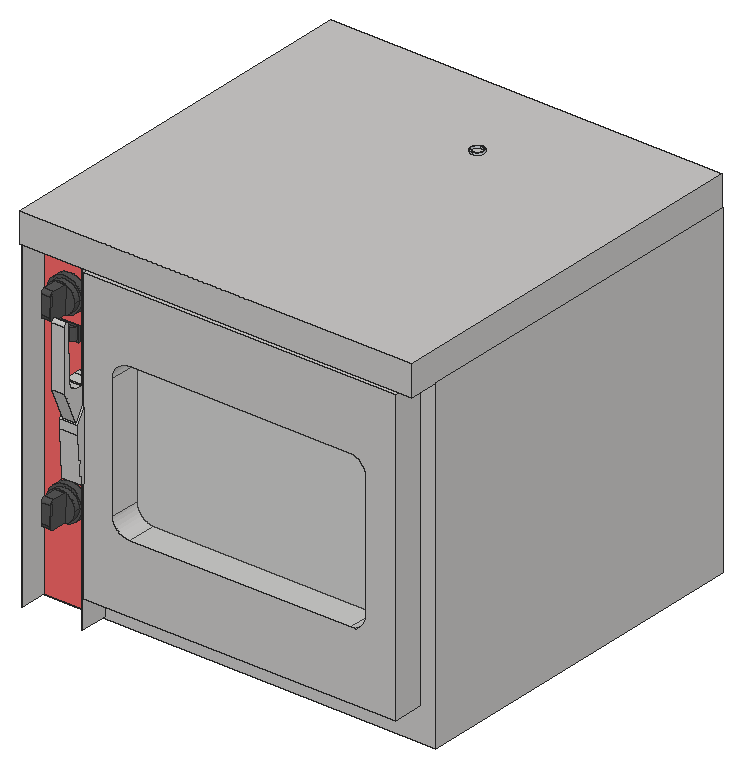
Revit family "ADB Ovens 606CT", category Equipement spécialisé, Revit 2022
Family settings
  Cote de connecteur circulaire = Utiliser le diamètre
  Type d'élément = Normal
  Numéro OmniClass = 23.40.40.14.17.11
  Titre OmniClass = Cookers, Ovens, Stoves
  Basée sur le plan de construction = Non
  Toujours verticalement = Oui
  Couper avec des vides une fois chargée = Non
  Conserver l'orientation des annotations = Non
  Partagée = Non
  Repère de localisation dans la pièce = Non
Parameters (values of type "CFE 606 CT")
  URL Cutsheet = "https://www.ambassade-de-bourgogne.com/fr/produits/fours/Resources/CFE-606-CT.pdf"
  URL = "https://www.ambassade-de-bourgogne.com/fr/produits/fours/Resources/CFE-606-CT.pdf"
  Electric Connection Type [instance] = "Bornier 40A"  # constant formula
  Item Number = ""
  Volts [instance] = 230 V  # constant formula
  Clearences [instance] = yes
  Base support SF 606 [instance] = no
  Specification by Manufacturer = ""
  Sans option [instance] = not(SF500)  # yes
  SF500 [instance] = or(Base support SF 606, [Shelves ECH606 + base support SF606])  # no
  Electrical Remarks [instance] = "230V(MONO) ou 400V(TRI)"  # constant formula
  Electric power [instance] = 4800 W  # constant formula
  Depth [instance] = 679 mm  # constant formula
  Encombrement Porte standard [instance] = and(Clearences, not(Door hinges inversion option))  # yes
  Door hinges inversion option [instance] = no
  Weight [instance] = 61.00 kg + if(or(Base support SF 606, [Shelves ECH606 + base support SF606]), 12.00 kg, 0.00 kg)  # 61.00 kg
  Phase [instance] = 1  # constant formula
  Number of Poles [instance] = Phase  # 1
  Modèle = "CFE 606 CT"
  Length [instance] = 650 mm  # constant formula
  Operational Current [instance] = Electric power / (Volts * sqrt(Phase))  # 20.8696 A
  Ht Four = 618 mm  # constant formula
  Height [instance] = if(SF500, 1459 mm, 618 mm)  # 618 mm
  Cycle [instance] = 50 Hz  # constant formula
  Fabricant = "Société Industrielle de Lacanche"  # constant formula
  Encombrement Porte inversée [instance] = and(Clearences, Door hinges inversion option)  # no
  Default Elevation = 0 mm
  Shelves ECH606 + base support SF606 [instance] = no
  Décalage porte [instance] = if(Door hinges inversion option, 32 mm, 106 mm)  # 106 mm
  Décalage poignée [instance] = if(Door hinges inversion option, 580 mm, 106 mm)  # 106 mm
  Décalage commandes [instance] = if(Door hinges inversion option, Length, 101 mm)  # 101 mm
  Description = ""
  Connectors [instance] = yes
  Type Comments = ""
Reference planes
  plane 1 "Centre (avant/arrière)": y = 0
  plane 2: z = 0
  plane 3 "Centre (gauche/droite)": x = 0
  plane 4 "dessus": z = 618
  plane 5 "gauche": x = -325
  plane 6 "droite": x = 325
  plane 7 "avant": y = -339.5
  plane 8 "arrière": y = 339.5
  plane 9 "Bas Four": z = 0
  plane 10 "COMMANDE": x = -224
  plane 11: z = 22.5
  plane 12 "Elec X": x = -225
  plane 13 "ElecZ": z = 375
  plane 14: x = -258.15
  plane 15: x = -258.083
  plane 16 "Poignée": x = -219
Forms (mm)
  Revolve 1, solid, material "ADB_Plastic-Black", visible <- "SF500", detail levels medium+fine
    sketch origin (0, -224.019, 0) x (-1, 0, 0) y (0, 0, -1)
      loop
        line (-258.15, -34) -> (-258.15, 0) -> (-287.65, 0) -> (-287.65, -5) -> (-284.277, -5)
        arc (-284.277, -5) -> (-280.265, -6.403) -> (-278, -10) r 6.44
        line (-278, -10) -> (-278, -22) -> (-282, -22) -> (-288.176, -28.176) -> (-288.3, -34) -> (-258.15, -34)
      axis (-258.15, -34) -> (-258.15, 0)
    angle from 0 to 360
  Extrusion 2, solid, material "ADB_Stainless Steel-Polished", visible <- "SF500", detail levels medium+fine
    sketch origin (0, 0, 0) x (1, 0, 0) y (0, 1, 0)
      loop
        circle (258.15, -224.019) r 30.15
      loop
        circle (258.15, 286) r 30.15
      loop
        circle (-258.15, -224.019) r 30.15
      loop
        circle (-258.15, 286) r 30.15
    from 34 to 861.37
  Extrusion 3, solid, material "ADB_Stainless Steel-Polished", visible <- "SF500", detail levels medium+fine
    sketch origin (0, 0, 0) x (1, 0, 0) y (0, 1, 0)
      loop
        line (-258.083, 285.256) -> (-258.083, -224) -> (256.91, -224) -> (257.589, 286.039) -> (-258.083, 285.256)
    from 194.2 to 230.2
  Extrusion 4, solid, material "ADB_Stainless Steel-Polished", visible <- "SF500", detail levels medium+fine
    sketch origin (0, 0, 0) x (1, 0, 0) y (0, 1, 0)
      loop
        line (-258.15, -224) -> (258.15, -224) -> (258.15, 286) -> (-258.15, 286) -> (-258.15, -224)
    from 823 to 863
  Extrusion 5, solid, material "ADB_Stainless Steel-Polished", visible <- "Shelves ECH606 + base support SF606", detail levels medium+fine
    sketch origin (0, 0, 0) x (1, 0, 0) y (0, 1, 0)
      loop
        line (228.15, 181) -> (258.15, 181) -> (258.15, 182.5) -> (229.65, 182.5) -> (229.65, 211) -> (228.15, 211) -> (228.15, 181)
      loop
        line (229.65, -120.5) -> (258.15, -120.5) -> (258.15, -119) -> (228.15, -119) -> (228.15, -149) -> (229.65, -149) -> (229.65, -120.5)
      loop
        line (-228.15, 181) -> (-228.15, 211) -> (-229.65, 211) -> (-229.65, 182.5) -> (-258.15, 182.5) -> (-258.15, 181) -> (-228.15, 181)
      loop
        line (-229.65, -120.5) -> (-229.65, -149) -> (-228.15, -149) -> (-228.15, -119) -> (-258.15, -119) -> (-258.15, -120.5) -> (-229.65, -120.5)
    from 230.2 to 823
  Revolve 6, solid, material "ADB_Plastic-Black", visible <- "Sans option", detail levels medium+fine
    sketch origin (278, -15, 0) x (0, 1, 0) y (0, 0, 1)
      loop
        line (-163.5, 16.5) -> (-163.5, 11.5) -> (-165.25, 11.5) -> (-165.25, 9.2) -> (-174, 4) -> (-174, 0) -> (-154, 0) -> (-154, 22.5) -> (-158, 22.5) -> (-158, 16.5) -> (-163.5, 16.5)
      axis (-154, 0) -> (-154, 22.5)
    angle from 0 to 360
  Extrusion 7, solid, material "ADB_Stainless Steel-Polished", detail levels medium+fine
    sketch origin (325, 0, 0) x (0, 1, 0) y (0, 0, 1)
      loop
        line (339.5, 22.5) -> (339.5, 565.561) -> (-255.5, 565.561) -> (-255.5, 22.5) -> (339.5, 22.5)
    from -649 to 1
  Extrusion 8, solid, material "ADB_Stainless Steel-Polished", detail levels medium+fine
    sketch origin (325, 0, 0) x (0, 1, 0) y (0, 0, 1)
      loop
        line (-304.438, 615.5) -> (-304.438, 565.5) -> (339.5, 565.5) -> (339.5, 615.5) -> (-304.438, 615.5)
    from 0 to -650
  Extrusion 9, solid, material "ADB_Stainless Steel-Polished", detail levels medium+fine
    sketch origin (0, -339.5, 0) x (-1, 0, 0) y (0, 0, 1)
      loop
        line (219, 560.5) -> (-299, 560.5) -> (-299, 75.5) -> (219, 75.5) -> (219, 560.5)
      loop
        arc (-222.8, 448.184) -> (-242.033, 440.217) -> (-250, 420.984) r 27.2
        line (-250, 420.984) -> (-250, 215.482)
        arc (-250, 215.482) -> (-242.033, 196.249) -> (-222.8, 188.282) r 27.2
        line (-222.8, 188.282) -> (142.954, 188.282)
        arc (142.954, 188.282) -> (162.213, 196.259) -> (170.19, 215.518) r 27.235
        line (170.19, 215.518) -> (170.19, 420.873)
        arc (170.19, 420.873) -> (162.191, 440.185) -> (142.879, 448.184) r 27.311
        line (142.879, 448.184) -> (-222.8, 448.184)
    from 34 to 84
  Extrusion 10, solid, material "ADB_Stainless Steel-Polished", detail levels medium+fine
    sketch origin (-219, 0, 115) x (0, 0, -1) y (0, -1, 0)
      loop
        line (-207.5, 317) -> (-222.5, 317) -> (-246.309, 303.5) -> (-276.309, 303.5) -> (-277.477, 285.986) -> (-278, 276) -> (-127.5, 276) -> (-128.023, 285.986) -> (-132.5, 312) -> (-207.5, 317)
    from 0 to 30
  Extrusion 11, solid, material "ADB_Stainless Steel-Polished", detail levels medium+fine
    sketch origin (-219, 0, 115) x (0, 0, -1) y (0, -1, 0)
      loop
        line (-276.5, 338.528) -> (-376.5, 338.528)
        arc (-376.5, 338.528) -> (-380.405, 336.699) -> (-381.5, 332.528) r 5.083
        line (-381.5, 332.528) -> (-290.553, 329.352)
        arc (-290.553, 329.352) -> (-280.751, 325.242) -> (-276.133, 315.669) r 15
        line (-276.133, 315.669) -> (-275.069, 303.5) -> (-246.309, 303.5) -> (-225.094, 315.529) -> (-276.5, 338.528)
    from 4.5 to 25.5
  Extrusion 12, solid, material "ADB_Network_Electricity_Yellow", visible <- "Connectors", detail levels medium+fine
    sketch origin (240.887, 339.5, 565.561) x (0, 0, -1) y (-1, 0, 0)
      loop
        circle (190.561, 465.887) r 10
    from 0 to 10
  Extrusion 13, solid, detail levels coarse
    sketch origin (0, 0, 0) x (1, 0, 0) y (0, 1, 0)
      loop
        line (-325, 339.5) -> (-325, -339.5) -> (325, -339.5) -> (325, 339.5) -> (-325, 339.5)
    from 0 to 618 <- "Height"
  Revolve 14, solid, material "ADB_Plastic-Black", visible <- "SF500", detail levels medium+fine
    sketch origin (-583.8, -224.019, 0) x (-1, 0, 0) y (0, 0, -1)
      loop
        line (-325.717, -34) -> (-325.717, 0) -> (-355.15, 0) -> (-355.15, -5) -> (-351.777, -5)
        arc (-351.777, -5) -> (-347.765, -6.403) -> (-345.5, -10) r 6.44
        line (-345.5, -10) -> (-345.5, -22) -> (-349.5, -22) -> (-355.676, -28.176) -> (-355.8, -34) -> (-325.717, -34)
      axis (-325.717, -34) -> (-325.717, 0)
    angle from 0 to 360
  Revolve 15, solid, material "ADB_Plastic-Black", visible <- "SF500", detail levels medium+fine
    sketch origin (0, 286, 0) x (-1, 0, 0) y (0, 0, -1)
      loop
        line (-258.15, -34) -> (-258.15, 0) -> (-287.65, 0) -> (-287.65, -5) -> (-284.277, -5)
        arc (-284.277, -5) -> (-280.265, -6.403) -> (-278, -10) r 6.44
        line (-278, -10) -> (-278, -22) -> (-282, -22) -> (-288.176, -28.176) -> (-288.3, -34) -> (-258.15, -34)
      axis (-258.15, -34) -> (-258.15, 0)
    angle from 0 to 360
  Revolve 16, solid, material "ADB_Plastic-Black", visible <- "SF500", detail levels medium+fine
    sketch origin (-583.8, 286, 0) x (-1, 0, 0) y (0, 0, -1)
      loop
        line (-325.65, -34) -> (-325.65, 0) -> (-355.15, 0) -> (-355.15, -5) -> (-351.777, -5)
        arc (-351.777, -5) -> (-347.765, -6.403) -> (-345.5, -10) r 6.44
        line (-345.5, -10) -> (-345.5, -22) -> (-349.5, -22) -> (-355.676, -28.176) -> (-355.8, -34) -> (-325.65, -34)
      axis (-325.65, -34) -> (-325.65, 0)
    angle from 0 to 360
  Extrusion 17, solid, detail levels fine
    sketch origin (0, 0, 618) x (0, -1, 0) y (1, 0, 0)
      loop
        circle (-188.5, 40) r 10.648
      loop
        circle (-188.5, 40) r 9.047
    from -2.5 to 0
  Revolve 18, solid, material "ADB_Plastic-Black", visible <- "Sans option", detail levels medium+fine
    sketch origin (278, 385, 0) x (0, 1, 0) y (0, 0, 1)
      loop
        line (-163.5, 16.5) -> (-163.5, 11.5) -> (-165.25, 11.5) -> (-165.25, 9.2) -> (-174, 4) -> (-174, 0) -> (-154, 0) -> (-154, 22.5) -> (-158, 22.5) -> (-158, 16.5) -> (-163.5, 16.5)
      axis (-154, 0) -> (-154, 22.5)
    angle from 0 to 360
  Revolve 19, solid, material "ADB_Plastic-Black", visible <- "Sans option", detail levels medium+fine
    sketch origin (-278, -15, 0) x (0, 1, 0) y (0, 0, -1)
      loop
        line (-163.5, -16.5) -> (-158, -16.5) -> (-158, -22.5) -> (-154, -22.5) -> (-154, 0) -> (-174, 0) -> (-174, -4) -> (-165.25, -9.2) -> (-165.25, -11.5) -> (-163.5, -11.5) -> (-163.5, -16.5)
      axis (-154, 0) -> (-154, -22.5)
    angle from 0 to 360
  Revolve 20, solid, material "ADB_Plastic-Black", visible <- "Sans option", detail levels medium+fine
    sketch origin (-278, 385, 0) x (0, 1, 0) y (0, 0, -1)
      loop
        line (-163.5, -16.5) -> (-158, -16.5) -> (-158, -22.5) -> (-154, -22.5) -> (-154, 0) -> (-174, 0) -> (-174, -4) -> (-165.25, -9.2) -> (-165.25, -11.5) -> (-163.5, -11.5) -> (-163.5, -16.5)
      axis (-154, 0) -> (-154, -22.5)
    angle from 0 to 360
  Extrusion 21, solid, material "ADB_Stainless Steel-Polished", detail levels medium+fine
    sketch origin (0, 0, 0) x (-1, 0, 0) y (0, -1, 0)
      loop
        line (324, 255.5) -> (324, 301.3) -> (322.5, 301.3) -> (322.5, 258) -> (225.5, 258) -> (225.5, 301.3) -> (224, 301.3) -> (224, 255.5) -> (324, 255.5)
    from 25.5 to 565.561
  Revolve 22, solid, material "ADB_Plastic-Black", visible <- "SF500", not visible, detail levels medium+fine
    sketch origin (-583.8, -224.019, 0) x (-1, 0, 0) y (0, 0, -1)
      loop
        line (-325.717, -34) -> (-325.717, 0) -> (-355.15, 0) -> (-355.15, -5) -> (-351.777, -5)
        arc (-351.777, -5) -> (-347.765, -6.403) -> (-345.5, -10) r 6.44
        line (-345.5, -10) -> (-345.5, -22) -> (-349.5, -22) -> (-355.676, -28.176) -> (-355.8, -34) -> (-325.717, -34)
      axis (-325.717, -34) -> (-325.717, 0)
    angle from 0 to 360
  Revolve 23, solid, material "ADB_Plastic-Black", visible <- "SF500", not visible, detail levels medium+fine
    sketch origin (-583.8, 286, 0) x (-1, 0, 0) y (0, 0, -1)
      loop
        line (-325.65, -34) -> (-325.65, 0) -> (-355.15, 0) -> (-355.15, -5) -> (-351.777, -5)
        arc (-351.777, -5) -> (-347.765, -6.403) -> (-345.5, -10) r 6.44
        line (-345.5, -10) -> (-345.5, -22) -> (-349.5, -22) -> (-355.676, -28.176) -> (-355.8, -34) -> (-325.65, -34)
      axis (-325.65, -34) -> (-325.65, 0)
    angle from 0 to 360
  Extrusion 24, solid, material "ADB_Plastic-Black", detail levels fine
    sketch origin (0, 0, 0) x (-1, 0, 0) y (0, -1, 0)
      loop
        line (262.5, 260) -> (262.5, 258) -> (294.5, 258) -> (294.5, 260) -> (262.5, 260)
    from 421 to 446
  Extrusion 25, solid, material "ADB_Plastic-Black", detail levels fine
    sketch origin (0, 0, 0) x (-1, 0, 0) y (0, -1, 0)
      loop
        arc (291, 260) -> (280.875, 261.811) -> (272.005, 267.018) r 29.216
        arc (272.005, 267.018) -> (268.346, 264.071) -> (266, 260) r 12.769
        line (266, 260) -> (291, 260)
    from 424 to 443
  Extrusion 26, solid, material "ADB_Glass-Transparent", detail levels medium+fine
    sketch origin (0, -339.5, 0) x (-1, 0, 0) y (0, 0, 1)
      loop
        arc (-222.8, 448.184) -> (-242.033, 440.217) -> (-250, 420.984) r 27.2
        line (-250, 420.984) -> (-250, 215.482)
        arc (-250, 215.482) -> (-242.033, 196.249) -> (-222.8, 188.282) r 27.2
        line (-222.8, 188.282) -> (142.99, 188.282)
        arc (142.99, 188.282) -> (162.223, 196.249) -> (170.19, 215.482) r 27.2
        line (170.19, 215.482) -> (170.19, 420.984)
        arc (170.19, 420.984) -> (162.223, 440.217) -> (142.99, 448.184) r 27.2
        line (142.99, 448.184) -> (-222.8, 448.184)
    from 34 to 84
Cuts and joins
  joined: Extrusion 2, Extrusion 3, Extrusion 4
Lines and regions (mm)
  symbolic lines, style "SpecialityEquipmentHiddenLines", visible <- "Encombrement Porte standard"
    curve 1: line (299, -305.5, 0) -> (299, -823.5, 0)
    curve 2: arc (299, -823.5, 0) -> (-67.281, -671.781, 0) -> (-219, -305.5, 0) r 518
  symbolic lines, style "SpecialityEquipmentHiddenLines", visible <- "Door hinges inversion option"
    curve 3: line (-219, -305.5, 0) -> (-219, -823.5, 0)
    curve 4: arc (-219, -823.5, 0) -> (147.281, -671.781, 0) -> (299, -305.5, 0) r 518
Dimensions and locks
  "Height": plane 4 "dessus" to plane 2
  equal spacing: plane 5 "gauche", plane 3 "Centre (gauche/droite)", plane 6 "droite"
  "Length": plane 5 "gauche" to plane 6 "droite"
  equal spacing: plane 8 "arrière", plane 1 "Centre (avant/arrière)", plane 7 "avant"
  "Depth": plane 8 "arrière" to plane 7 "avant"
  "Ht Four": plane 4 "dessus" to plane 9 "Bas Four"
  locked: Extrusion 7 to plane 5 "gauche" at 1
  "Décalage porte": Extrusion 9 sketch curve to plane 5 "gauche"
  "Décalage commandes": plane 10 "COMMANDE" to plane 5 "gauche"
  locked: plane 9 "Bas Four" to plane 11 at 22.5
  plane 6 "droite" to plane 12 "Elec X" = 550 mm
  locked: plane 9 "Bas Four" to plane 13 "ElecZ" at 375
  Extrusion 21 sketch curve to Extrusion 21 sketch curve to plane 10 "COMMANDE" = 1.5 mm locked, 98.5 mm locked
  locked: Extrusion 9 sketch curve to Extrusion 9 sketch curve at 48.81
  Extrusion 9 sketch curve to Extrusion 9 sketch curve to Extrusion 9 sketch curve = 420.19 mm locked, 49 mm locked
  locked: plane 5 "gauche" to plane 14 at 66.85
  Revolve 1 sketch curve to Revolve 1 sketch curve to Revolve 1 sketch curve to Revolve 1 sketch curve to plane 2 = 5.824 mm locked, 6.176 mm locked, 12 mm locked, 10 mm locked
  Revolve 15 sketch curve to Revolve 15 sketch curve to Revolve 15 sketch curve to Revolve 15 sketch curve to plane 2 = 5.824 mm locked, 6.176 mm locked, 12 mm locked, 10 mm locked
  locked: plane 5 "gauche" to plane 15 at 66.917
  plane 15 to Extrusion 5 sketch curve to Extrusion 5 sketch curve = 28.433 mm locked, 1.5 mm locked  (x2)
  plane 16 "Poignée" to plane 5 "gauche" = 106 mm
  "Décalage poignée": plane 16 "Poignée" to plane 5 "gauche"
  Extrusion 24 sketch curve to Extrusion 24 sketch curve to plane 10 "COMMANDE" = 32 mm locked, 38.5 mm locked
  Extrusion 25 sketch curve to Extrusion 25 sketch curve to Extrusion 25 sketch curve to plane 10 "COMMANDE" = 18.995 mm locked, 6.005 mm locked, 42 mm locked
  locked: Extrusion 9 to Extrusion 26 sketch curve at 48.81
  locked: Extrusion 26 sketch curve to Extrusion 26 sketch curve at 420.19
  radius of Extrusion 9 sketch curve = 27.2 mm  (x2)
  radius of Extrusion 9 sketch curve = 27.311 mm
  radius of Extrusion 9 sketch curve = 27.235 mm
  radius of Extrusion 25 sketch curve = 29.216 mm
  radius of Extrusion 25 sketch curve = 12.769 mm
  radius of Extrusion 26 sketch curve = 27.2 mm  (x4)
  aligned and locked: level to plane 2
  aligned and locked: Extrusion 8 to plane 5 "gauche"
  aligned and locked: Extrusion 12 to plane 12 "Elec X"
  aligned and locked: Extrusion 12 sketch curve to plane 13 "ElecZ"
  aligned and locked: Extrusion 12 sketch curve to plane 12 "Elec X"
  aligned and locked: plane 14 to Extrusion 2 sketch curve  (x2)
  aligned and locked: Extrusion 9 to curve 2
Automatic sketch dimensions
  Revolve 1 sketch curve to level = 0 mm  (x2)
  Revolve 1 sketch curve to plane 6 "droite" = 36.7 mm
  Revolve 1 sketch curve to Revolve 1 sketch curve = 0.124 mm
  level to Revolve 1 sketch curve = 5 mm
  Revolve 1 sketch curve to Revolve 1 sketch curve = 0.526 mm
  Revolve 1 sketch curve to Revolve 1 sketch curve = 3.373 mm
  Revolve 1 sketch curve to Revolve 1 sketch curve = 6.176 mm
  Revolve 1 sketch curve to Revolve 1 sketch curve = 4 mm
  Revolve 1 sketch curve to Revolve 1 sketch curve = 19.85 mm
  Revolve 1 sketch curve to Revolve 1 sketch curve = 0 mm  (x2)
  Revolve 6 sketch curve to level = 0 mm
  plane 7 "avant" to Revolve 6 sketch curve = 150.5 mm
  Revolve 6 sketch curve to Revolve 6 sketch curve = 8.75 mm
  Revolve 6 sketch curve to Revolve 6 sketch curve = 1.75 mm
  plane 11 to Revolve 6 sketch curve = 0 mm
  Revolve 6 sketch curve to Revolve 6 sketch curve = 5.5 mm
  Revolve 6 sketch curve to Revolve 6 sketch curve = 4 mm
  level to Revolve 6 sketch curve = 4 mm
  level to Revolve 6 sketch curve = 9.2 mm
  Revolve 6 sketch curve to Revolve 6 sketch curve = 2.3 mm
  Revolve 6 sketch curve to Revolve 6 sketch curve = 5 mm
  Revolve 6 sketch curve to Revolve 6 sketch curve = 0 mm  (x3)
  plane 11 to Extrusion 7 sketch curve = 0 mm
  Extrusion 7 sketch curve to plane 8 "arrière" = 0 mm
  plane 7 "avant" to Extrusion 7 sketch curve = 84 mm
  plane 4 "dessus" to Extrusion 7 sketch curve = 52.439 mm
  Extrusion 8 sketch curve to plane 8 "arrière" = 0 mm
  plane 4 "dessus" to Extrusion 8 sketch curve = 2.5 mm
  plane 7 "avant" to Extrusion 8 sketch curve = 35.062 mm
  Extrusion 8 sketch curve to Extrusion 8 sketch curve = 50 mm
  Extrusion 13 sketch curve to plane 5 "gauche" = 0 mm
  Extrusion 13 sketch curve to plane 6 "droite" = 0 mm
  Extrusion 13 sketch curve to plane 7 "avant" = 0 mm
  Extrusion 13 sketch curve to plane 8 "arrière" = 0 mm
  Revolve 14 sketch curve to Revolve 14 sketch curve = 0.124 mm
  Revolve 14 sketch curve to Revolve 14 sketch curve = 0.526 mm
  Revolve 14 sketch curve to Revolve 14 sketch curve = 3.373 mm
  Revolve 14 sketch curve to Revolve 14 sketch curve = 6.176 mm  (x2)
  Revolve 14 sketch curve to Revolve 14 sketch curve = 4 mm
  Revolve 14 sketch curve to Revolve 14 sketch curve = 0 mm  (x3)
  Revolve 15 sketch curve to level = 0 mm  (x2)
  Revolve 15 sketch curve to plane 6 "droite" = 36.7 mm
  Revolve 15 sketch curve to Revolve 15 sketch curve = 0.124 mm
  level to Revolve 15 sketch curve = 5 mm
  Revolve 15 sketch curve to Revolve 15 sketch curve = 0.526 mm
  Revolve 15 sketch curve to Revolve 15 sketch curve = 3.373 mm
  Revolve 15 sketch curve to Revolve 15 sketch curve = 6.176 mm
  Revolve 15 sketch curve to Revolve 15 sketch curve = 4 mm
  Revolve 15 sketch curve to Revolve 15 sketch curve = 19.85 mm
  Revolve 15 sketch curve to Revolve 15 sketch curve = 0 mm  (x2)
  Revolve 16 sketch curve to Revolve 16 sketch curve = 0.124 mm
  Revolve 16 sketch curve to Revolve 16 sketch curve = 0.526 mm
  Revolve 16 sketch curve to Revolve 16 sketch curve = 3.373 mm
  Revolve 16 sketch curve to Revolve 16 sketch curve = 6.176 mm  (x2)
  Revolve 16 sketch curve to Revolve 16 sketch curve = 4 mm
  Revolve 16 sketch curve to Revolve 16 sketch curve = 19.85 mm
  Revolve 16 sketch curve to Revolve 16 sketch curve = 0 mm  (x3)
  Extrusion 17 sketch curve to Extrusion 17 sketch curve = 0 mm  (x2)
  plane 3 "Centre (gauche/droite)" to Extrusion 17 sketch curve = 40 mm
  Extrusion 17 sketch curve to plane 8 "arrière" = 151 mm
  Revolve 18 sketch curve to level = 0 mm
  Revolve 18 sketch curve to plane 8 "arrière" = 128.5 mm
  Revolve 18 sketch curve to Revolve 18 sketch curve = 8.75 mm
  Revolve 18 sketch curve to Revolve 18 sketch curve = 1.75 mm
  plane 11 to Revolve 18 sketch curve = 0 mm
  Revolve 18 sketch curve to Revolve 18 sketch curve = 5.5 mm
  Revolve 18 sketch curve to Revolve 18 sketch curve = 4 mm
  level to Revolve 18 sketch curve = 4 mm
  level to Revolve 18 sketch curve = 9.2 mm
  Revolve 18 sketch curve to Revolve 18 sketch curve = 2.3 mm
  Revolve 18 sketch curve to Revolve 18 sketch curve = 5 mm
  Revolve 18 sketch curve to Revolve 18 sketch curve = 0 mm  (x3)
  Revolve 19 sketch curve to level = 0 mm
  plane 7 "avant" to Revolve 19 sketch curve = 150.5 mm
  Revolve 19 sketch curve to Revolve 19 sketch curve = 8.75 mm
  Revolve 19 sketch curve to Revolve 19 sketch curve = 1.75 mm
  plane 11 to Revolve 19 sketch curve = 0 mm
  Revolve 19 sketch curve to Revolve 19 sketch curve = 5.5 mm
  Revolve 19 sketch curve to Revolve 19 sketch curve = 4 mm
  Revolve 19 sketch curve to Revolve 19 sketch curve = 6 mm
  Revolve 19 sketch curve to Revolve 19 sketch curve = 5 mm
  Revolve 19 sketch curve to Revolve 19 sketch curve = 2.3 mm
  level to Revolve 19 sketch curve = 4 mm
  Revolve 19 sketch curve to Revolve 19 sketch curve = 0 mm  (x3)
  Revolve 20 sketch curve to level = 0 mm
  Revolve 20 sketch curve to plane 8 "arrière" = 128.5 mm
  Revolve 20 sketch curve to Revolve 20 sketch curve = 8.75 mm
  Revolve 20 sketch curve to Revolve 20 sketch curve = 1.75 mm
  plane 11 to Revolve 20 sketch curve = 0 mm
  Revolve 20 sketch curve to Revolve 20 sketch curve = 5.5 mm
  Revolve 20 sketch curve to Revolve 20 sketch curve = 4 mm
  Revolve 20 sketch curve to Revolve 20 sketch curve = 6 mm
  Revolve 20 sketch curve to Revolve 20 sketch curve = 5 mm
  Revolve 20 sketch curve to Revolve 20 sketch curve = 2.3 mm
  level to Revolve 20 sketch curve = 4 mm
  Revolve 20 sketch curve to Revolve 20 sketch curve = 0 mm  (x3)
  Extrusion 21 sketch curve to Extrusion 21 sketch curve = 2.5 mm
  Extrusion 21 sketch curve to Extrusion 21 sketch curve = 43.3 mm  (x2)
  Extrusion 21 sketch curve to plane 10 "COMMANDE" = 1.5 mm
  Extrusion 21 sketch curve to Extrusion 21 sketch curve = 1.5 mm
  plane 7 "avant" to Extrusion 21 sketch curve = 84 mm
  Extrusion 2 sketch curve to plane 6 "droite" = 66.85 mm  (x2)
  plane 7 "avant" to Extrusion 2 sketch curve = 115.481 mm  (x2)
  Extrusion 2 sketch curve to plane 8 "arrière" = 53.5 mm  (x2)
  Extrusion 2 sketch curve to Extrusion 2 sketch curve = 30.15 mm  (x2)
  Extrusion 4 sketch curve to plane 6 "droite" = 66.85 mm
  plane 7 "avant" to Extrusion 4 sketch curve = 115.5 mm
  Extrusion 4 sketch curve to plane 8 "arrière" = 53.5 mm
  Extrusion 4 sketch curve to plane 15 = 0.067 mm
  Extrusion 3 sketch curve to plane 15 = 0 mm
  Extrusion 3 sketch curve to plane 6 "droite" = 68.09 mm
  Extrusion 3 sketch curve to plane 6 "droite" = 67.411 mm
  plane 7 "avant" to Extrusion 3 sketch curve = 115.5 mm
  Extrusion 3 sketch curve to plane 8 "arrière" = 53.461 mm
  Extrusion 3 sketch curve to plane 8 "arrière" = 54.244 mm
  Revolve 14 sketch curve to Revolve 14 sketch curve = 19.783 mm
  Revolve 14 sketch curve to Revolve 14 sketch curve = 5.824 mm
  Revolve 14 sketch curve to Revolve 14 sketch curve = 10.56 mm
  Revolve 14 sketch curve to Revolve 14 sketch curve = 1.44 mm
  Revolve 14 sketch curve to Revolve 14 sketch curve = 5 mm
  Revolve 16 sketch curve to Revolve 16 sketch curve = 5.824 mm
  Revolve 16 sketch curve to Revolve 16 sketch curve = 10.56 mm
  Revolve 16 sketch curve to Revolve 16 sketch curve = 1.44 mm
  Revolve 16 sketch curve to Revolve 16 sketch curve = 5 mm
  Revolve 22 sketch curve to Revolve 22 sketch curve = 0.124 mm
  Revolve 22 sketch curve to Revolve 22 sketch curve = 0.526 mm
  Revolve 22 sketch curve to Revolve 22 sketch curve = 3.373 mm
  Revolve 22 sketch curve to Revolve 22 sketch curve = 6.176 mm  (x2)
  Revolve 22 sketch curve to Revolve 22 sketch curve = 4 mm
  Revolve 22 sketch curve to Revolve 22 sketch curve = 0 mm  (x3)
  Revolve 23 sketch curve to Revolve 23 sketch curve = 0.124 mm
  Revolve 23 sketch curve to Revolve 23 sketch curve = 0.526 mm
  Revolve 23 sketch curve to Revolve 23 sketch curve = 3.373 mm
  Revolve 23 sketch curve to Revolve 23 sketch curve = 6.176 mm  (x2)
  Revolve 23 sketch curve to Revolve 23 sketch curve = 4 mm
  Revolve 23 sketch curve to Revolve 23 sketch curve = 19.85 mm
  Revolve 23 sketch curve to Revolve 23 sketch curve = 0 mm  (x3)
  Revolve 22 sketch curve to Revolve 22 sketch curve = 19.783 mm
  Revolve 22 sketch curve to Revolve 22 sketch curve = 5.824 mm
  Revolve 22 sketch curve to Revolve 22 sketch curve = 10.56 mm
  Revolve 22 sketch curve to Revolve 22 sketch curve = 1.44 mm
  Revolve 22 sketch curve to Revolve 22 sketch curve = 5 mm
  Revolve 23 sketch curve to Revolve 23 sketch curve = 5.824 mm
  Revolve 23 sketch curve to Revolve 23 sketch curve = 10.56 mm
  Revolve 23 sketch curve to Revolve 23 sketch curve = 1.44 mm
  Revolve 23 sketch curve to Revolve 23 sketch curve = 5 mm
  plane 13 "ElecZ" to Extrusion 10 sketch curve = 18 mm
  Extrusion 10 sketch curve to Extrusion 10 sketch curve = 0.523 mm  (x2)
  Extrusion 10 sketch curve to Extrusion 10 sketch curve = 1.168 mm
  plane 7 "avant" to Extrusion 10 sketch curve = 36 mm
  Extrusion 10 sketch curve to Extrusion 10 sketch curve = 30 mm
  Extrusion 10 sketch curve to Extrusion 10 sketch curve = 23.809 mm
  plane 7 "avant" to Extrusion 10 sketch curve = 22.5 mm
  Extrusion 10 sketch curve to Extrusion 10 sketch curve = 15 mm
  plane 7 "avant" to Extrusion 10 sketch curve = 27.5 mm
  Extrusion 10 sketch curve to Extrusion 10 sketch curve = 75 mm
  plane 7 "avant" to Extrusion 10 sketch curve = 53.514 mm
  Extrusion 10 sketch curve to Extrusion 10 sketch curve = 4.477 mm
  plane 7 "avant" to Extrusion 10 sketch curve = 63.5 mm
  Extrusion 10 sketch curve to Extrusion 10 sketch curve = 9.986 mm
  plane 13 "ElecZ" to Extrusion 11 sketch curve = 121.5 mm
  plane 7 "avant" to Extrusion 11 sketch curve = 0.972 mm
  plane 13 "ElecZ" to Extrusion 11 sketch curve = 116.5 mm
  plane 7 "avant" to Extrusion 11 sketch curve = 25.139 mm
  plane 13 "ElecZ" to Extrusion 11 sketch curve = 31.076 mm
  plane 7 "avant" to Extrusion 11 sketch curve = 10.148 mm
  Extrusion 11 sketch curve to Extrusion 11 sketch curve = 0.523 mm
  Extrusion 11 sketch curve to Extrusion 11 sketch curve = 14.053 mm
  plane 7 "avant" to Extrusion 11 sketch curve = 23.831 mm
  plane 7 "avant" to Extrusion 11 sketch curve = 36 mm
  Extrusion 11 sketch curve to Extrusion 11 sketch curve = 1.065 mm
  Extrusion 11 sketch curve to Extrusion 11 sketch curve = 28.76 mm
  plane 7 "avant" to Extrusion 11 sketch curve = 23.971 mm
  Extrusion 11 sketch curve to Extrusion 11 sketch curve = 21.215 mm
  plane 7 "avant" to Extrusion 11 sketch curve = 6.972 mm
  plane 7 "avant" to Extrusion 24 sketch curve = 81.5 mm
  Extrusion 24 sketch curve to Extrusion 24 sketch curve = 2 mm
  plane 7 "avant" to Extrusion 25 sketch curve = 83.731 mm
  Extrusion 26 sketch curve to plane 11 = 165.782 mm
  plane 13 "ElecZ" to Extrusion 26 sketch curve = 45.984 mm
  curve 4 to curve 3 = 0 mm
  curve 2 to plane 6 "droite" = 26 mm
  curve 1 to plane 6 "droite" = 26 mm
  plane 7 "avant" to curve 4 = 34 mm
  plane 7 "avant" to curve 2 = 34 mm
  curve 3 to plane 7 "avant" = 484 mm
  curve 2 to curve 1 = 0 mm
  Extrusion 5 sketch curve to plane 15 = 0.067 mm  (x2)
  Extrusion 5 sketch curve to plane 6 "droite" = 96.85 mm  (x2)
  Extrusion 5 sketch curve to Extrusion 5 sketch curve = 1.5 mm  (x6)
  Extrusion 5 sketch curve to Extrusion 5 sketch curve = 28.5 mm  (x6)
  plane 1 "Centre (avant/arrière)" to Extrusion 5 sketch curve = 149 mm  (x2)
  Extrusion 5 sketch curve to plane 8 "arrière" = 158.5 mm  (x2)
  Extrusion 9 sketch curve to plane 11 = 53 mm
  Extrusion 9 sketch curve to Extrusion 9 sketch curve = 112.782 mm
  plane 13 "ElecZ" to Extrusion 9 sketch curve = 45.873 mm
  plane 4 "dessus" to Extrusion 9 sketch curve = 57.5 mm
  radius of Extrusion 12 sketch curve = 10 mm
  radius of Extrusion 17 sketch curve = 10.648 mm
  radius of Extrusion 17 sketch curve = 9.047 mm
  radius of Extrusion 2 sketch curve = 30.15 mm  (x2)
Nested families
  nested 1: "ECH 500" at (-228.15, -2.694, 299), visible <- "Shelves ECH606 + base support SF606", type "ECH 500", detail levels medium+fine
  nested 2: "ECH 500" at (228.15, -2.694, 299) x (-1, 0, 0) z (0, 0, 1), visible <- "Shelves ECH606 + base support SF606", type "ECH 500", detail levels medium+fine
  nested 3: "ECH 500" at (-228.15, -2.694, 364), visible <- "Shelves ECH606 + base support SF606", type "ECH 500", detail levels medium+fine
  nested 4: "ECH 500" at (228.15, -2.694, 364) x (-1, 0, 0) z (0, 0, 1), visible <- "Shelves ECH606 + base support SF606", type "ECH 500", detail levels medium+fine
  nested 5: "ECH 500" at (-228.15, -2.694, 429), visible <- "Shelves ECH606 + base support SF606", type "ECH 500", detail levels medium+fine
  nested 6: "ECH 500" at (228.15, -2.694, 429) x (-1, 0, 0) z (0, 0, 1), visible <- "Shelves ECH606 + base support SF606", type "ECH 500", detail levels medium+fine
  nested 7: "ECH 500" at (-228.15, -2.694, 494), visible <- "Shelves ECH606 + base support SF606", type "ECH 500", detail levels medium+fine
  nested 8: "ECH 500" at (228.15, -2.694, 494) x (-1, 0, 0) z (0, 0, 1), visible <- "Shelves ECH606 + base support SF606", type "ECH 500", detail levels medium+fine
  nested 9: "ECH 500" at (-228.15, -2.694, 559), visible <- "Shelves ECH606 + base support SF606", type "ECH 500", detail levels medium+fine
  nested 10: "ECH 500" at (228.15, -2.694, 559) x (-1, 0, 0) z (0, 0, 1), visible <- "Shelves ECH606 + base support SF606", type "ECH 500", detail levels medium+fine
  nested 11: "ECH 500" at (-228.15, -2.694, 624), visible <- "Shelves ECH606 + base support SF606", type "ECH 500", detail levels medium+fine
  nested 12: "ECH 500" at (228.15, -2.694, 624) x (-1, 0, 0) z (0, 0, 1), visible <- "Shelves ECH606 + base support SF606", type "ECH 500", detail levels medium+fine
  nested 13: "ECH 500" at (-228.15, -2.694, 689), visible <- "Shelves ECH606 + base support SF606", type "ECH 500", detail levels medium+fine
  nested 14: "ECH 500" at (228.15, -2.694, 689) x (-1, 0, 0) z (0, 0, 1), visible <- "Shelves ECH606 + base support SF606", type "ECH 500", detail levels medium+fine
  nested 15: "ECH 500" at (-228.15, -2.694, 754), visible <- "Shelves ECH606 + base support SF606", type "ECH 500", detail levels medium+fine
  nested 16: "ECH 500" at (228.15, -2.694, 754) x (-1, 0, 0) z (0, 0, 1), visible <- "Shelves ECH606 + base support SF606", type "ECH 500", detail levels medium+fine
  nested 17: "Bouton" at (-278.77, -258, 490.666) x (-1, 0, 0.01) z (0, -1, 0), type "Bouton"
  nested 18: "Bouton" at (-278.77, -258, 180.666) x (-1, 0, 0.01) z (0, -1, 0), type "Bouton"
Connectors
  electrical at (-225, 339.5, 375), driven by "Number of Poles", driven by "Volts", driven by "Electric power"
    settings: on Extrusion 12, index 1, voltage 230 V, apparent load 4800 VA, apparent load phase1 0 VA, apparent load phase2 0 VA, apparent load phase3 0 VA, power factor 1, load classification "Autre", number of poles 1, system type 30, power factor state 1, is connector primary yes, connector utility no, sub classification motor no, connector description ""
Definition of nested family "ECH 500"
  Parameters
    Default Elevation = 0 mm
  Reference planes
    plane 1 "Centre (avant/arrière)": y = 0
    plane 2: z = 0
    plane 3 "Centre (gauche/droite)": x = 0
  Forms (mm)
    Extrusion 1, solid
      sketch origin (201, 0.194, -291.5) x (1, 0, 0) y (0, 0, 1)
        loop
          line (-201, 311.5) -> (-201, 296.014)
          arc (-201, 296.014) -> (-199.678, 292.822) -> (-196.486, 291.5) r 4.514
          line (-196.486, 291.5) -> (-187, 291.5) -> (-187, 292.5) -> (-196.5, 292.5)
          arc (-196.5, 292.5) -> (-198.975, 293.525) -> (-200, 296) r 3.5
          line (-200, 296) -> (-200, 310.5) -> (-193, 310.5) -> (-193, 311.5) -> (-201, 311.5)
      from -208.5 to 141.5
    Extrusion 2, void
      sketch origin (1, 0.194, 20) x (0, 1, 0) y (1, 0, 0)
        loop
          line (-111.5, 0) -> (-111.5, 7) -> (-141.5, 7) -> (-141.5, 0) -> (-111.5, 0)
        loop
          line (178.5, 0) -> (208.5, 0) -> (208.5, 7) -> (178.5, 7) -> (178.5, 0)
      from 0 to 1
  Cuts and joins
    Extrusion 2 cuts Extrusion 1
  Dimensions and locks
    aligned and locked: level to plane 2
Definition of nested family "Bouton"
  Parameters (values of type "Bouton")
    Matériau base bouton = none
    Default Elevation = 1219.2 mm
  Reference planes
    plane 1 "Centre (avant/arrière)": y = 0
    plane 2: z = 0
    plane 3 "Centre (gauche/droite)": x = 0
  Forms (mm)
    Extrusion 1, solid
      sketch origin (0, 0, 0) x (1, 0, 0) y (0, 1, 0)
        loop
          line (-1219.2, 1219.2) -> (-1219.2, -1219.2) -> (1219.2, -1219.2) -> (1219.2, 1219.2) -> (-1219.2, 1219.2)
      from 0 to -304.8
    Extrusion 2, solid, material <- "Matériau base bouton", detail levels fine
      sketch origin (0, 0, 0) x (1, 0, 0) y (0, 1, 0)
        loop
          circle (0, 0) r 28.5
      from 0 to 11.5
    Extrusion 3, solid, detail levels fine
      sketch origin (0, 0, 0) x (1, 0, 0) y (0, 1, 0)
        loop
          circle (0, 0) r 24.1
      from 11.5 to 20.5
    Extrusion 4, solid, detail levels fine
      sketch origin (0, 0, 0) x (1, 0, 0) y (0, 0, 1)
        loop
          line (-8.082, 20.5) -> (8.082, 20.5) -> (7.58, 49.253)
          arc (7.58, 49.253) -> (6.684, 51.34) -> (4.581, 52.2) r 3
          line (4.581, 52.2) -> (-4.581, 52.2)
          arc (-4.581, 52.2) -> (-6.684, 51.34) -> (-7.58, 49.253) r 3
          line (-7.58, 49.253) -> (-8.082, 20.5)
      from -22.082 to 22.162
    Extrusion 5, void
      sketch origin (0, 0, 0) x (0, 1, 0) y (0, 0, 1)
        loop
          line (-15.762, 50.701) -> (15.682, 50.701)
          arc (15.682, 50.701) -> (20.208, 48.826) -> (22.082, 44.301) r 6.4
          line (22.082, 44.301) -> (22.082, 41.701) -> (24.232, 41.701) -> (24.232, 54.688) -> (-24.768, 54.688) -> (-24.768, 41.701) -> (-22.162, 41.701) -> (-22.162, 44.301)
          arc (-22.162, 44.301) -> (-20.287, 48.826) -> (-15.762, 50.701) r 6.4
      from -15.908 to 13.709
  Cuts and joins
    Extrusion 5 cuts Extrusion 4
  Lines and regions (mm)
    symbolic lines, detail levels fine
      curve 1: line (0, -28.5, 0) -> (0, 28.5, 0)
  Dimensions and locks
    aligned and locked: plane 2 to Extrusion 1
    aligned and locked: level to Extrusion 1
